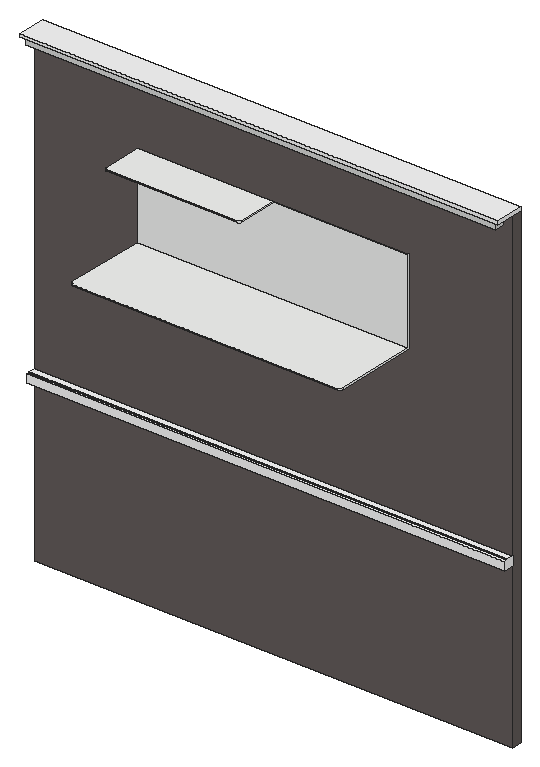
Revit family "Storage-Mounted-Teknion-B_WPM-Wall_Panel_for_Metal_Accessory_Shelves-R2018", category Furniture, Revit 2018
Family settings
  OmniClass Number = 23.40.70.14.64.21
  OmniClass Title = Systems Furniture
  Work Plane-Based = No
  Always vertical = Yes
  Cut with Voids When Loaded = No
  Shared = Yes
  Room Calculation Point = No
Parameters (values of type "On Low Secondary Desk")
  Width [instance] = 48.000"
  Warranty = "http://www.teknion.com/ca/papers/legal-canada"
  Unit Weight URL = "http://www.teknion.com/pricing/expansion-casegoods/pdfs/wv.pdf"
  URL = "http://www.teknion.com/"
  Top and Accessory Rail Finish [instance] = Mica - Teknion - V - Satin - Very White
  Top Shelf Visibility [instance] = or(Has Top Shelf Only, Has Top Shelf & Accessory Rail, Has Two Shelves)  # yes
  Top Shelf Type Selector [instance] = Storage-Mounted-Teknion-BBAMS_Metal_Accessory_Shelf_for_Wall_Panel-R2018 : Standard Position, Has Two Levels Shelf Configuration, 27" Width, Left Second Level Orientation
  Top Shelf Height Offset [instance] = if(Height = 66.000", 7.400", 9.483")  # 7.400"
  Tackboard Upholstery Finish [instance] = Fabric - Teknion - S613 - Saturate - Dune
  Tackboard Bottom Starting Offset [instance] = if(and(High Secondary Desk Mounting Style, not(Has Top Shelf & Accessory Rail)), 26.972", if(and([1" Thick Standard Worksurface Mounting Style], not(Has Top Shelf & Accessory Rail)), 28.823", if(and([1-3/16" Thick Standard Worksurface Mounting Style], not(Has Top Shelf & Accessory Rail)), 28.996", if(and([1-9/16" Thick Standard Worksurface Mounting Style], not(Has Top Shelf & Accessory Rail)), 29.362", if(and([Mid-Height Mounting Style], not(Has Top Shelf & Accessory Rail)), 21.000", 34.620")))))  # 34.620"
  Sustainability Data = "http://www.teknion.com/about-teknion/environment/datasheets.asp"
  Metal Shelf Finish [instance] = Paint - Teknion - Mica - Very White
  Metal Accessory Shelf Type Selector Note [instance] = "The 33 inch wide Metal Accessory Shelf cannot be used with the 30 inch Wide Panel."  # constant formula
  Metal Accessory Shelf Position Note [instance] = if(or(Width = 30.000", Width = 36.000", Width = 42.000"), "Please choose Center Shelf Position.", "Please choose one of the following options below.")  # "Please choose one of the following options below."
  Series = "Expansion Casegoods"  # constant formula
  Right Shelf Position [instance] = no
  Product Page URL = "http://www.teknion.com/ca/products/product-details?productlineid=0053336e-8e7a-673b-a6c8-ff00004460c4"
  Product Line = "Expansion Casegoods"  # constant formula
  Product Documentation Link #7 = "http://www.teknion.com/pricing/Expansion-Casegoods/pdfs/BBAS_ppg.pdf"
  Product Documentation Link #6 = "http://www.teknion.com/pricing/Expansion-Casegoods/pdfs/BLED_ppg.pdf"
  Product Documentation Link #5 = "http://www.teknion.com/pricing/Expansion-Casegoods/pdfs/BBWAM_ppg.pdf"
  Product Documentation Link #4 = "http://www.teknion.com/pricing/Expansion-Casegoods/pdfs/BBWAE_ppg.pdf"
  Product Documentation Link #3 = "http://www.teknion.com/pricing/Expansion-Casegoods/pdfs/BBWAP_ppg.pdf"
  Product Documentation Link #2 = "http://www.teknion.com/pricing/Expansion-Casegoods/pdfs/BBWAT_ppg.pdf"
  Product Documentation Link = "http://www.teknion.com/pricing/Expansion-Casegoods/pdfs/B_WPM_ppg.pdf"
  Power/Data Visibility [instance] = if(and(not(Low Secondary Desk Mounting Style), not(Has Top Shelf & Accessory Rail), or(Has Glass Markerboard, Has Porcelain Markerboard, Has Fabric Tackboard, Has Felt Tackboard)), 1 > 2, not(No Power and Data))  # no
  Power/Data Plan View Offset [instance] = if(or([Power and Data Under Worksurface - Left], [Power and Data Over Worksurface - Left]), 15.000", if(or([Power and Data Under Worksurface - Right], [Power and Data Over Worksurface - Right]), Actual Width - 15.000", Actual Width / 2))  # 23.880"
  Power Data Height Offset [instance] = if(High Secondary Desk Mounting Style, 3.648", if([1" Thick Standard Worksurface Mounting Style], 1.797", if([1-3/16" Thick Standard Worksurface Mounting Style], 1.624", if([1-9/16" Thick Standard Worksurface Mounting Style], 1.258", if(and(Low Secondary Desk Mounting Style, or([Power and Data Over Worksurface - Center], [Power and Data Over Worksurface - Left], [Power and Data Over Worksurface - Right])), 13.195", 3.480")))))  # 3.480"
  Porcelain/Glass Markerboard Visibility [instance] = or(Has Glass Markerboard, Has Porcelain Markerboard)  # no
  Part Number = "B_WPM"  # constant formula
  Panel Finish [instance] = Veneer - Teknion - VB - Flintwood - Black Walnut
  No Power and Data [instance] = not(or([Power and Data Over Worksurface - Center], [Power and Data Over Worksurface - Left], [Power and Data Over Worksurface - Right], [Power and Data Under Worksurface - Center], [Power and Data Under Worksurface - Left], [Power and Data Under Worksurface - Right]))  # yes
  Power and Data Under Worksurface - Right [instance] = no
  Power and Data Under Worksurface - Left [instance] = no
  Power and Data Under Worksurface - Center [instance] = no
  Linear LED Light Width Type [instance] = Lighting-Teknion-BLED_Linear_LED_Light-R2018 : 48" Width
  Light Shelf Note [instance] = "Light Shelf can only be specified if the Has Top Shelf & Accessory Rail option is selected above."  # constant formula
  Light Shelf Finish [instance] = Mica - Teknion - V - Satin - Very White
  Left Shelf Position [instance] = no
  Height [instance] = 66.000"
  Has Two Shelves [instance] = no
  Has Top Shelf Only [instance] = no
  Has Porcelain Markerboard [instance] = no
  Has No Accessory Board [instance] = not(or(Has Glass Markerboard, Has Porcelain Markerboard, Has Fabric Tackboard, Has Felt Tackboard))  # yes
  Has Linear LED Light [instance] = yes
  Has Light Shelf [instance] = no
  Has Felt Tackboard [instance] = no
  Fabric/Felt Tackboard Visibility [instance] = or(Has Fabric Tackboard, Has Felt Tackboard)  # no
  Center of Shelf Plan View Offset [instance] = if(Center Shelf Position, Actual Width / 2, if(Left Shelf Position, 18.000", Actual Width - 18.000"))  # 23.880"
  Center Shelf Position [instance] = not(or(Left Shelf Position, Right Shelf Position))  # yes
  Configurations Note [instance] = "Please choose one of the three following options below."  # constant formula
  Bottom Shelf Type Selector [instance] = Storage-Mounted-Teknion-BBAMS_Metal_Accessory_Shelf_for_Wall_Panel-R2018 : Standard Position, Has Two Levels Shelf Configuration, 27" Width, Left Second Level Orientation
  Bottom Height Shelf Offset [instance] = if(Height = 66.000", 22.374", 28.626")  # 22.374"
  Available Widths [instance] = if(or([1" Thick Standard Worksurface Mounting Style], [1-3/16" Thick Standard Worksurface Mounting Style], [1-9/16" Thick Standard Worksurface Mounting Style], Low Secondary Desk Mounting Style), "24, 30, 36, 42, 48, 54, 60, 66, 72, 78, or 84 inches.", "24, 30, 36, 42, 48, 54, 60, 66, 72, 78, 84, or 90 inches.")  # "24, 30, 36, 42, 48, 54, 60, 66, 72, 78, or 84 inches."
  Model = "BLWPM_____"
  Mid-Height Mounting Style = no
  Manufacturer Phone = "416-661-3370"  # constant formula
  Manufacturer Fax = "416.661.4586"  # constant formula
  Manufacturer Contact Information = "http://www.teknion.com/ca/contactus"
  Manufacturer Address = "1150 Flint Road, Toronto, ON. M3J 2J5. Canada"
  Manufacturer = "Teknion"  # constant formula
  Low Secondary Desk Mounting Style = yes
  High Secondary Desk Mounting Style = no
  Has Fabric Tackboard [instance] = no
  Power and Data Over Worksurface - Right [instance] = no
  Power and Data Over Worksurface - Left [instance] = no
  Power and Data Over Worksurface - Center [instance] = no
  Has Glass Markerboard [instance] = no
  Has Top Shelf & Accessory Rail [instance] = not(or(Has Top Shelf Only, Has Two Shelves))  # yes
  Glass Markerboard Finish [instance] = Back-painted Glass - K7 - Teknion - Very White
  Description = "Wall Panel for Metal Accessory Shelves, Low Secondary Desk"
  Bottom of Wall Panel Height = if(High Secondary Desk Mounting Style, 26.972", if(Low Secondary Desk Mounting Style, 17.425", if([1" Thick Standard Worksurface Mounting Style], 28.823", if([1-3/16" Thick Standard Worksurface Mounting Style], 28.996", if([1-9/16" Thick Standard Worksurface Mounting Style], 29.362", 21.000")))))  # 17.425"
  Available Heights [instance] = "66 or 72 inches."  # constant formula
  Available Electrical Options [instance] = if(or([Mid-Height Mounting Style], Width = 24.000", Width = 30.000"), "Choose No Power and Data.", if(or(Width = 36.000", Width = 42.000"), "Choose between No Power and Data, Power and Data Under Worksurface - Center, or Power and Data Over Worksurface - Center", if(and(Low Secondary Desk Mounting Style, not(or(Width = 24.000", Width = 30.000", Width = 36.000", Width = 42.000"))), "Choose one of the following options below.", "Choose between Power and Data Over Worksurface - Center, Power and Data Over Worksurface - Left, Power and Data Over Worksurface - Right, or No Power and Data.")))  # "Choose one of the following options below."
  Assembly Code = "E2020200"
  Actual Width [instance] = if(Width = 24.000", 23.880", if(Width = 30.000", 29.850", if(Width = 36.000", 35.820", if(Width = 42.000", 41.790", if(Width = 48.000", 47.760", if(Width = 54.000", 53.730", if(Width = 60.000", 59.700", if(Width = 66.000", 65.670", if(Width = 72.000", 71.640", if(Width = 78.000", 77.610", 83.580"))))))))))  # 47.760"
  Actual Height [instance] = if(Height = 72.000", 71.626", 65.374")  # 65.374"
  Accessories Note [instance] = if(Has Two Shelves, "Choose Has No Accessory Board.", if(and(or([Power and Data Over Worksurface - Center], [Power and Data Over Worksurface - Left], [Power and Data Over Worksurface - Right], [Power and Data Under Worksurface - Center], [Power and Data Under Worksurface - Left], [Power and Data Under Worksurface - Right]), not(Has Top Shelf & Accessory Rail)), "Choose Has No Accessory Board.", "Choose one of the following options below.."))  # "Choose one of the following options below.."
  1-9/16" Thick Standard Worksurface Mounting Style = no
  1-3/16" Thick Standard Worksurface Mounting Style = no
  1" Thick Standard Worksurface Mounting Style = no
Types (6): name | Top Shelf Height Offset | Power Data Height Offset | Height | Bottom Height Shelf Offset | Available Widths | Model | Mid-Height Mounting Style | Low Secondary Desk Mounting Style | High Secondary Desk Mounting Style | Description | Bottom of Wall Panel Height | Available Electrical Options | 1-9/16" Thick Standard Worksurface Mounting Style | 1-3/16" Thick Standard Worksurface Mounting Style | 1" Thick Standard Worksurface Mounting Style
  On High Secondary Desk | 7.400" | 3.648" | 66.000" | 22.374" | "24, 30, 36, 42, 48, 54, 60, 66, 72, 78, 84, or 90 inches." | "BHWPM_____" | no | no | yes | "Wall Panel for Metal Accessory Shelves, High Secondary Desk" | 26.972" | "Choose between Power and Data Over Worksurface - Center, Power and Data Over Worksurface - Left, Power and Data Over Worksurface - Right, or No Power and Data." | no | no | no
  On Low Secondary Desk | 7.400" | 3.480" | 66.000" | 22.374" | "24, 30, 36, 42, 48, 54, 60, 66, 72, 78, or 84 inches." | "BLWPM_____" | no | yes | no | "Wall Panel for Metal Accessory Shelves, Low Secondary Desk" | 17.425" | "Choose one of the following options below." | no | no | no
  On 1" Thick Standard Worksurface | 9.483" | 1.797" | 0.000" | 28.626" | "24, 30, 36, 42, 48, 54, 60, 66, 72, 78, or 84 inches." | "BDWPM_____" | no | no | no | "Wall Panel for Metal Accessory Shelves, On 1\" Thick Standard Worksurface" | 28.823" | "Choose between Power and Data Over Worksurface - Center, Power and Data Over Worksurface - Left, Power and Data Over Worksurface - Right, or No Power and Data." | no | no | yes
  On 1-3/16" Thick Standard Worksurface | 9.483" | 1.624" | 0.000" | 28.626" | "24, 30, 36, 42, 48, 54, 60, 66, 72, 78, or 84 inches." | "BMWPM_____" | no | no | no | "Wall Panel for Metal Accessory Shelves, On 1-3/16\" Thick Standard Worksurface" | 28.996" | "Choose between Power and Data Over Worksurface - Center, Power and Data Over Worksurface - Left, Power and Data Over Worksurface - Right, or No Power and Data." | no | yes | no
  On 1-9/16" Thick Standard Worksurface | 9.483" | 1.258" | 0.000" | 28.626" | "24, 30, 36, 42, 48, 54, 60, 66, 72, 78, or 84 inches." | "BXWPM_____" | no | no | no | "Wall Panel for Metal Accessory Shelves, On 1-9/16\" Thick Standard Worksurface" | 29.362" | "Choose between Power and Data Over Worksurface - Center, Power and Data Over Worksurface - Left, Power and Data Over Worksurface - Right, or No Power and Data." | yes | no | no
  Mid-Height Mounting Style | 9.483" | 3.480" | 0.000" | 28.626" | "24, 30, 36, 42, 48, 54, 60, 66, 72, 78, 84, or 90 inches." | "BKWPM_____" | yes | no | no | "Wall Panel for Metal Accessory Shelves, Mid-Height Mounting Style" | 21.000" | "Choose No Power and Data." | no | no | no
Reference planes (in)
  plane 1 "Center F/B": y = 0
  plane 2 "Bottom of Panel": z = 17.425
  plane 3 "Center L/R": x = 0
  plane 4 "Left": x = -23.88
  plane 5 "Right": x = 23.88
  plane 6 "Back": y = 0.5
  plane 7 "Front": y = -0.5
  plane 8 "Top": z = 65.374
  plane 9: z = 0
  plane 10 "Accessory Rail Ref Plane": z = 34.38
  plane 11: y = -0.98071
  plane 12 "Power/Data Offset": x = 0
  plane 13 "Power/Data Height Offset": z = 20.905
  plane 14 "Top Shelf Plane": z = 57.974
  plane 15 "Bottom Shelf Plane": z = 43
  plane 16: x = -19.29092
  plane 17: x = 19.29092
  plane 18 "Center of Shelf Plane": x = 0
Forms (in)
  Sweep 1, solid, material "Veneer - Teknion - VB - Flintwood - Black Walnut" <- "Panel Finish"
    path origin (0, 0, 0) x (1, 0, 0) y (0, 1, 0)
      loop
        line (-23.88, 0) -> (23.88, 0)
    profile origin (0, 0, 0) x (0, 1, 0) y (0, 0, 1)
      loop
        line (0.5, 65.05904) -> (-0.5, 65.05904) -> (-0.5, 17.425) -> (0.5, 17.425) -> (0.5, 65.05904)
  Sweep 2, solid, material "Mica - Teknion - V - Satin - Very White" <- "Top and Accessory Rail Finish"
    path origin (0, 0, 0) x (1, 0, 0) y (0, 1, 0)
      loop
        line (-23.88, 0) -> (23.88, 0)
    profile origin (0, 0, 0) x (0, 1, 0) y (0, 0, 1)
      loop
        line (0.5, 65.374) -> (-2.2874, 65.374) -> (-2.2874, 65.05904) -> (0.5, 65.05904) -> (0.5, 65.374)
  Sweep 3, solid, material "Mica - Teknion - V - Satin - Very White" <- "Top and Accessory Rail Finish", visible <- "Has Top Shelf & Accessory Rail"
    path origin (0, 0, -37.58062) x (1, 0, 0) y (0, 1, 0)
      loop
        line (-23.88, 0) -> (23.88, 0)
    profile origin (0, 0, -37.58062) x (0, 1, 0) y (0, 0, 1)
      loop
        line (-0.5, 72.19685) -> (-1.18504, 72.19685) -> (-1.18504, 72.09842) -> (-1.46063, 72.09842) -> (-1.46063, 71.2874) -> (-0.5, 71.2874) -> (-0.5, 72.19685)
  Sweep 4, solid, material "Mica - Teknion - V - Satin - Very White", visible <- "Power/Data Visibility"
    path origin (0, 0, -27.56363) x (1, 0, 0) y (0, 1, 0)
      loop
        line (-7.48031, 0) -> (7.48031, 0)
    profile origin (0, 0, -27.56363) x (0, 1, 0) y (0, 0, 1)
      loop
        line (-0.7126, 51.1458) -> (-0.7126, 48.46863) -> (-0.5, 48.46863) -> (-0.5, 51.1458) -> (-0.7126, 51.1458)
  Sweep 5, solid, material "Fabric - Teknion - S613 - Saturate - Dune" <- "Tackboard Upholstery Finish", visible <- "Fabric/Felt Tackboard Visibility"
    path origin (0, 0, -16.37402) x (1, 0, 0) y (0, 1, 0)
      loop
        line (-23.88, 0) -> (23.88, 0)
    profile origin (0, 0, -16.37402) x (0, 1, 0) y (0, 0, 1)
      loop
        line (-1.18504, 50.99402) -> (-0.5, 50.99402) -> (-0.5, 65.84802) -> (-1.18504, 65.84802) -> (-1.18504, 50.99402)
  Extrusion 6, solid, material "Plastic - Teknion - E - Ebony", visible <- "Power/Data Visibility"
    sketch origin (0, -0.5, -0.18961) x (1, 0, 0) y (0, 0, 1)
      loop
        line (-3.62205, 23.22444) -> (-6.92913, 23.22444) -> (-6.92913, 21.64964) -> (-3.62205, 21.64964) -> (-3.62205, 23.22444)
    from 0.2126 to 0.64961
  Extrusion 7, solid, material "Plastic - Teknion - E - Ebony", visible <- "Power/Data Visibility"
    sketch origin (10.5, -0.5, -0.18961) x (1, 0, 0) y (0, 0, 1)
      loop
        line (-4.88976, 22.96469) -> (-4.88976, 21.9017) -> (-3.82677, 21.9017) -> (-3.82677, 22.96469) -> (-4.88976, 22.96469)
      loop
        line (-3.95276, 22.6832) -> (-3.95276, 22.77769) -> (-4.26772, 22.77769) -> (-4.26772, 22.6832) -> (-3.95276, 22.6832)
      loop
        arc (-4.54331, 22.33871) -> (-4.44882, 22.4332) -> (-4.54331, 22.52769) r 0.09449
        line (-4.54331, 22.52769) -> (-4.70079, 22.52769) -> (-4.70079, 22.33871) -> (-4.54331, 22.33871)
      loop
        line (-4.26772, 22.1832) -> (-4.26772, 22.08871) -> (-3.95276, 22.08871) -> (-3.95276, 22.1832) -> (-4.26772, 22.1832)
    from 0.2126 to 0.29291
  Extrusion 8, solid, material "Plastic - Teknion - E - Ebony", visible <- "Power/Data Visibility"
    sketch origin (9.24016, -0.5, -0.18961) x (1, 0, 0) y (0, 0, 1)
      loop
        line (-4.88976, 22.96469) -> (-4.88976, 21.9017) -> (-3.82677, 21.9017) -> (-3.82677, 22.96469) -> (-4.88976, 22.96469)
      loop
        line (-3.95276, 22.6832) -> (-3.95276, 22.77769) -> (-4.26772, 22.77769) -> (-4.26772, 22.6832) -> (-3.95276, 22.6832)
      loop
        arc (-4.54331, 22.33871) -> (-4.44882, 22.4332) -> (-4.54331, 22.52769) r 0.09449
        line (-4.54331, 22.52769) -> (-4.70079, 22.52769) -> (-4.70079, 22.33871) -> (-4.54331, 22.33871)
      loop
        line (-4.26772, 22.1832) -> (-4.26772, 22.08871) -> (-3.95276, 22.08871) -> (-3.95276, 22.1832) -> (-4.26772, 22.1832)
    from 0.2126 to 0.29291
  Extrusion 9, solid, material "Plastic - Teknion - E - Ebony", visible <- "Power/Data Visibility"
    sketch origin (7.98031, -0.5, -0.18961) x (1, 0, 0) y (0, 0, 1)
      loop
        line (-4.88976, 22.96469) -> (-4.88976, 21.9017) -> (-3.82677, 21.9017) -> (-3.82677, 22.96469) -> (-4.88976, 22.96469)
      loop
        line (-3.95276, 22.6832) -> (-3.95276, 22.77769) -> (-4.26772, 22.77769) -> (-4.26772, 22.6832) -> (-3.95276, 22.6832)
      loop
        arc (-4.54331, 22.33871) -> (-4.44882, 22.4332) -> (-4.54331, 22.52769) r 0.09449
        line (-4.54331, 22.52769) -> (-4.70079, 22.52769) -> (-4.70079, 22.33871) -> (-4.54331, 22.33871)
      loop
        line (-4.26772, 22.1832) -> (-4.26772, 22.08871) -> (-3.95276, 22.08871) -> (-3.95276, 22.1832) -> (-4.26772, 22.1832)
    from 0.2126 to 0.29291
  Extrusion 10, solid, material "Plastic - Teknion - E - Ebony", visible <- "Power/Data Visibility"
    sketch origin (6.72047, -0.5, -0.18961) x (1, 0, 0) y (0, 0, 1)
      loop
        line (-4.88976, 22.96469) -> (-4.88976, 21.9017) -> (-3.82677, 21.9017) -> (-3.82677, 22.96469) -> (-4.88976, 22.96469)
      loop
        line (-3.95276, 22.6832) -> (-3.95276, 22.77769) -> (-4.26772, 22.77769) -> (-4.26772, 22.6832) -> (-3.95276, 22.6832)
      loop
        arc (-4.54331, 22.33871) -> (-4.44882, 22.4332) -> (-4.54331, 22.52769) r 0.09449
        line (-4.54331, 22.52769) -> (-4.70079, 22.52769) -> (-4.70079, 22.33871) -> (-4.54331, 22.33871)
      loop
        line (-4.26772, 22.1832) -> (-4.26772, 22.08871) -> (-3.95276, 22.08871) -> (-3.95276, 22.1832) -> (-4.26772, 22.1832)
    from 0.2126 to 0.29291
  Extrusion 11, solid, material "Plastic - Teknion - E - Ebony", visible <- "Power/Data Visibility"
    sketch origin (4.25, -0.5, -0.18961) x (1, 0, 0) y (0, 0, 1)
      loop
        circle (-5.14568, 22.43322) r 0.1516
    from 0.2126 to 0.46457
  Sweep 12, solid, material "Glass - Teknion - A5 - Standard - Clear", visible <- "Porcelain/Glass Markerboard Visibility"
    path origin (0, 0, 0) x (1, 0, 0) y (0, 1, 0)
      loop
        line (-23.88, 0) -> (23.88, 0)
    profile origin (0, 0, 0) x (0, 1, 0) y (0, 0, 1)
      loop
        line (-1.18504, 34.62) -> (-0.98071, 34.62) -> (-0.98071, 49.474) -> (-1.18504, 49.474) -> (-1.18504, 34.62)
  Sweep 13, solid, material "Back-painted Glass - K7 - Teknion - Very White" <- "Glass Markerboard Finish", visible <- "Porcelain/Glass Markerboard Visibility"
    path origin (0, 0, 0) x (1, 0, 0) y (0, 1, 0)
      loop
        line (-23.88, 0) -> (23.88, 0)
    profile origin (0, 0, 0) x (0, 1, 0) y (0, 0, 1)
      loop
        line (-0.98071, 34.62) -> (-0.5, 34.62) -> (-0.5, 49.474) -> (-0.98071, 49.474) -> (-0.98071, 34.62)
  Extrusion 14, solid, material "Mica - Teknion - V - Satin - Very White" <- "Light Shelf Finish", visible <- "Has Light Shelf"
    sketch origin (-17.91, 0, -20.33308) x (0, 1, 0) y (0, 0, 1)
      loop
        line (-5.82638, 54.92869) -> (-5.82638, 54.69247) -> (-1.46063, 54.69247) -> (-1.46063, 54.85388) -> (-1.18071, 54.85388) -> (-1.18071, 54.92869) -> (-5.82638, 54.92869)
    from -5.97 to 41.79
Lines and regions (in)
  Masking region 1
    outline origin (0, 0, 0) x (1, 0, 0) y (0, 1, 0)
      loop
        line (-23.88, 0.5) -> (-23.88, -2.2874) -> (23.88, -2.2874) -> (23.88, 0.5) -> (-23.88, 0.5)
  Masking region 2, visible <- "Has Light Shelf"
    outline origin (0, 0, 0) x (1, 0, 0) y (0, 1, 0)
      loop
        line (-23.88, -2.2874) -> (-23.88, -5.82638) -> (23.88, -5.82638) -> (23.88, -2.2874) -> (-23.88, -2.2874)
  symbolic lines, style "Hidden Lines", detail levels medium+fine
    curve 1: line (-23.88, -0.5, 0) -> (23.88, -0.5, 0)
  symbolic lines, style "Hidden Lines", detail levels fine
    curve 2: line (-23.88, -1.18504, 0) -> (23.88, -1.18504, 0)
  symbolic lines, style "Hidden Lines", visible <- "Power/Data Visibility", detail levels fine
    curve 3: line (-7.48031, -0.7126, 0) -> (7.48031, -0.7126, 0)
    curve 4: line (7.48031, -0.7126, 0) -> (7.48031, -0.5, 0)
    curve 5: line (7.48031, -0.5, 0) -> (-7.48031, -0.5, 0)
    curve 6: line (-7.48031, -0.5, 0) -> (-7.48031, -0.7126, 0)
    curve 7: line (1.83071, -0.7126, 0) -> (1.83071, -0.79291, 0)
    curve 8: line (1.83071, -0.79291, 0) -> (2.8937, -0.79291, 0)
    curve 9: line (2.8937, -0.79291, 0) -> (2.8937, -0.7126, 0)
    curve 10: line (3.09055, -0.7126, 0) -> (3.09055, -0.79291, 0)
    curve 11: line (3.09055, -0.79291, 0) -> (4.15354, -0.79291, 0)
    curve 12: line (4.35039, -0.79291, 0) -> (5.41339, -0.79291, 0)
    curve 13: line (5.61024, -0.79291, 0) -> (6.67323, -0.79291, 0)
    curve 14: line (6.67323, -0.79291, 0) -> (6.67323, -0.7126, 0)
    curve 15: line (-3.62205, -1.14961, 0) -> (-3.62205, -0.7126, 0)
    curve 16: line (-6.92913, -1.14961, 0) -> (-3.62205, -1.14961, 0)
    curve 17: line (-6.92913, -0.7126, 0) -> (-6.92913, -1.14961, 0)
  reference lines, not visible
    curve 18: line (23.88, -0.5, 0) -> (-23.88, -0.5, 0)
    curve 19: line (-23.88, 0.5, 0) -> (-23.88, -0.5, 0)
    curve 20: line (-23.88, 0.5, 0) -> (23.88, 0.5, 0)
    curve 21: line (23.88, 0.5, 0) -> (23.88, -0.5, 0)
  reference lines
    curve 22: line (-23.88, 1.7341, 57.96685) -> (-23.88, -1.38466, 57.96685)
  symbolic lines
    curve 23: line (-23.88, -68.21025, 61.44356) -> (-23.88, -68.21025, 61.03051)
    curve 24: line (-23.88, -68.21025, 61.23704) -> (-23.88, -71.71025, 61.23704)
Dimensions and locks (in)
  equal spacing: plane 4 "Left", plane 3 "Center L/R", plane 5 "Right"
  equal spacing: plane 6 "Back", plane 1 "Center F/B", plane 7 "Front"
  locked: plane 6 "Back" to plane 7 "Front" at 1
  locked: plane 8 "Top" to Sweep 2 sketch curve at 0.31496
  locked: plane 6 "Back" to Sweep 2 sketch curve at 2.7874
  locked: plane 8 "Top" to Sweep 1 sketch curve at 0.31496
  "Actual Width": plane 4 "Left" to plane 5 "Right"
  locked: plane 7 "Front" to Sweep 3 sketch curve at 0.96063
  Sweep 4 sketch curve to Sweep 4 sketch curve to plane 13 "Power/Data Height Offset" = 2.67717" locked, 0.000" locked
  locked: plane 7 "Front" to Sweep 5 sketch curve at 0.68504
  Sweep 3 sketch curve to Sweep 3 sketch curve to plane 10 "Accessory Rail Ref Plane" to Sweep 3 sketch curve = 0.09843" locked, 0.1378" locked, 0.67322" locked
  "Bottom of Wall Panel Height": plane 2 "Bottom of Panel" to plane 9
  "Actual Height": plane 8 "Top" to plane 9
  locked: plane 10 "Accessory Rail Ref Plane" to level at 34.38
  plane 12 "Power/Data Offset" to Extrusion 6 sketch curve to Extrusion 6 sketch curve = 3.62205" locked, 3.30709" locked
  Extrusion 6 sketch curve to Extrusion 6 sketch curve to plane 13 "Power/Data Height Offset" = 1.5748" locked, 0.55502" locked
  Extrusion 7 sketch curve to Extrusion 7 sketch curve to plane 12 "Power/Data Offset" = 1.06299" locked, 5.61024" locked
  Extrusion 7 sketch curve to Extrusion 7 sketch curve to plane 13 "Power/Data Height Offset" = 1.06299" locked, 0.80709" locked
  Extrusion 7 sketch curve to Extrusion 7 sketch curve to Extrusion 7 sketch curve to Extrusion 7 sketch curve to Extrusion 7 sketch curve to Extrusion 7 sketch curve to Extrusion 7 sketch curve = 0.12598" locked, 0.000" locked, 0.31496" locked, 0.000" locked, 0.27559" locked, 0.15748" locked
  Extrusion 7 sketch curve to Extrusion 7 sketch curve to Extrusion 7 sketch curve to Extrusion 7 sketch curve to Extrusion 7 sketch curve to Extrusion 7 sketch curve to Extrusion 7 sketch curve to Extrusion 7 sketch curve = 0.18701" locked, 0.09449" locked, 0.15551" locked, 0.09449" locked, 0.09449" locked, 0.15551" locked, 0.09449" locked
  Extrusion 8 sketch curve to Extrusion 8 sketch curve to plane 12 "Power/Data Offset" = 1.06299" locked, 4.35039" locked
  Extrusion 8 sketch curve to Extrusion 8 sketch curve to plane 13 "Power/Data Height Offset" = 1.06299" locked, 0.80709" locked
  Extrusion 8 sketch curve to Extrusion 8 sketch curve to Extrusion 8 sketch curve to Extrusion 8 sketch curve to Extrusion 8 sketch curve to Extrusion 8 sketch curve to Extrusion 8 sketch curve = 0.12598" locked, 0.000" locked, 0.31496" locked, 0.000" locked, 0.27559" locked, 0.15748" locked
  Extrusion 8 sketch curve to Extrusion 8 sketch curve to Extrusion 8 sketch curve to Extrusion 8 sketch curve to Extrusion 8 sketch curve to Extrusion 8 sketch curve to Extrusion 8 sketch curve to Extrusion 8 sketch curve = 0.18701" locked, 0.09449" locked, 0.15551" locked, 0.09449" locked, 0.09449" locked, 0.15551" locked, 0.09449" locked
  Extrusion 9 sketch curve to Extrusion 9 sketch curve to plane 12 "Power/Data Offset" = 1.06299" locked, 3.09055" locked
  Extrusion 9 sketch curve to Extrusion 9 sketch curve to plane 13 "Power/Data Height Offset" = 1.06299" locked, 0.80709" locked
  Extrusion 9 sketch curve to Extrusion 9 sketch curve to Extrusion 9 sketch curve to Extrusion 9 sketch curve to Extrusion 9 sketch curve to Extrusion 9 sketch curve to Extrusion 9 sketch curve = 0.12598" locked, 0.000" locked, 0.31496" locked, 0.000" locked, 0.27559" locked, 0.15748" locked
  Extrusion 9 sketch curve to Extrusion 9 sketch curve to Extrusion 9 sketch curve to Extrusion 9 sketch curve to Extrusion 9 sketch curve to Extrusion 9 sketch curve to Extrusion 9 sketch curve to Extrusion 9 sketch curve = 0.18701" locked, 0.09449" locked, 0.15551" locked, 0.09449" locked, 0.09449" locked, 0.15551" locked, 0.09449" locked
  Extrusion 10 sketch curve to Extrusion 10 sketch curve to plane 12 "Power/Data Offset" = 1.06299" locked, 1.83071" locked
  Extrusion 10 sketch curve to Extrusion 10 sketch curve to plane 13 "Power/Data Height Offset" = 1.06299" locked, 0.80709" locked
  Extrusion 10 sketch curve to Extrusion 10 sketch curve to Extrusion 10 sketch curve to Extrusion 10 sketch curve to Extrusion 10 sketch curve to Extrusion 10 sketch curve to Extrusion 10 sketch curve = 0.12598" locked, 0.000" locked, 0.31496" locked, 0.000" locked, 0.27559" locked, 0.15748" locked
  Extrusion 10 sketch curve to Extrusion 10 sketch curve to Extrusion 10 sketch curve to Extrusion 10 sketch curve to Extrusion 10 sketch curve to Extrusion 10 sketch curve to Extrusion 10 sketch curve to Extrusion 10 sketch curve = 0.18701" locked, 0.09449" locked, 0.15551" locked, 0.09449" locked, 0.09449" locked, 0.15551" locked, 0.09449" locked
  locked: Extrusion 6 to plane 7 "Front" at 0.64961
  Extrusion 10 to Extrusion 9 to Extrusion 8 to Extrusion 7 to plane 7 "Front" = 0.000" locked, 0.000" locked, 0.000" locked, 0.29291" locked
  locked: plane 12 "Power/Data Offset" to Extrusion 11 sketch curve at 0.89568
  locked: Extrusion 11 sketch curve to plane 13 "Power/Data Height Offset" at 1.33861
  locked: Extrusion 11 to plane 7 "Front" at 0.46457
  "Tackboard Bottom Starting Offset": Sweep 5 sketch curve to level
  "Tackboard Bottom Starting Offset": Sweep 12 sketch curve to level
  locked: plane 1 "Center F/B" to plane 11 at 0.98071
  locked: plane 11 to Sweep 12 sketch curve at 0.20433
  "Tackboard Bottom Starting Offset": Sweep 13 sketch curve to level
  "Power/Data Plan View Offset": plane 4 "Left" to plane 12 "Power/Data Offset"
  Sweep 4 sketch curve to plane 12 "Power/Data Offset" to Sweep 4 sketch curve = 7.48031" locked, 7.48031" locked
  "Power Data Height Offset": plane 2 "Bottom of Panel" to plane 13 "Power/Data Height Offset"
  "Top Shelf Height Offset": plane 8 "Top" to plane 14 "Top Shelf Plane"
  "Bottom Height Shelf Offset": plane 8 "Top" to plane 15 "Bottom Shelf Plane"
  plane 1 "Center F/B" to Extrusion 14 sketch curve to Extrusion 14 sketch curve to Extrusion 14 sketch curve = 1.18071" locked, 0.27992" locked, 4.36575" locked
  Extrusion 14 sketch curve to plane 10 "Accessory Rail Ref Plane" to Extrusion 14 sketch curve to Extrusion 14 sketch curve = 0.02062" locked, 0.1408" locked, 0.0748" locked
  equal spacing: plane 17, plane 3 "Center L/R", plane 16
  locked: plane 17 to plane 16 at 38.58184
  curve 22 to plane 14 "Top Shelf Plane" = 0.00715"
  "Center of Shelf Plan View Offset": plane 18 "Center of Shelf Plane" to plane 4 "Left"
  aligned and locked: plane 5 "Right" to Sweep 1 sketch curve
  aligned and locked: plane 4 "Left" to Sweep 1 sketch curve
  aligned and locked: Sweep 1 sketch curve to plane 1 "Center F/B"
  aligned and locked: Sweep 1 sketch curve to plane 6 "Back"
  aligned and locked: Sweep 1 sketch curve to plane 7 "Front"
  aligned and locked: plane 2 "Bottom of Panel" to Sweep 1 sketch curve
  aligned and locked: Sweep 2 sketch curve to plane 6 "Back"
  aligned and locked: Sweep 2 sketch curve to plane 8 "Top"
  aligned and locked: Masking region 1 sketch curve to plane 6 "Back"
  aligned and locked: Masking region 1 sketch curve to plane 4 "Left"
  aligned and locked: Masking region 1 sketch curve to Sweep 2
  aligned and locked: Masking region 1 sketch curve to plane 5 "Right"
  aligned and locked: curve 1 to Sweep 1
  aligned and locked: Sweep 3 sketch curve to plane 7 "Front"
  aligned and locked: Sweep 4 sketch curve to plane 7 "Front"
  aligned and locked: plane 1 "Center F/B" to Sweep 4 sketch curve
  aligned and locked: Sweep 3 sketch curve to plane 1 "Center F/B"
  aligned and locked: plane 4 "Left" to Sweep 3 sketch curve
  aligned and locked: plane 5 "Right" to Sweep 3 sketch curve
  aligned and locked: plane 7 "Front" to Sweep 5 sketch curve
  aligned and locked: Sweep 5 sketch curve to plane 1 "Center F/B"
  aligned and locked: plane 5 "Right" to Sweep 5 sketch curve
  aligned and locked: plane 4 "Left" to Sweep 5 sketch curve
  aligned and locked: plane 4 "Left" to Sweep 2 sketch curve
  aligned and locked: plane 5 "Right" to Sweep 2 sketch curve
  aligned and locked: Sweep 2 sketch curve to plane 1 "Center F/B"
  aligned and locked: Extrusion 6 to Sweep 4
  aligned and locked: Extrusion 11 to Sweep 4
  aligned and locked: Extrusion 7 to Sweep 4
  aligned and locked: Extrusion 8 to Sweep 4
  aligned and locked: Extrusion 9 to Sweep 4
  aligned and locked: Extrusion 10 to Sweep 4
  aligned and locked: Sweep 5 to Sweep 4
  aligned and locked: plane 5 "Right" to Sweep 12 sketch curve
  aligned and locked: plane 4 "Left" to Sweep 12 sketch curve
  aligned and locked: Sweep 12 sketch curve to plane 11
  aligned and locked: plane 7 "Front" to Sweep 13 sketch curve
  aligned and locked: plane 11 to Sweep 13 sketch curve
  aligned and locked: plane 4 "Left" to Masking region 2 sketch curve
  aligned and locked: plane 5 "Right" to Masking region 2 sketch curve
  aligned and locked: Masking region 2 sketch curve to Sweep 2
  aligned and locked: curve 2 to Sweep 12
  aligned and locked: curve 3 to Sweep 4
  aligned and locked: curve 4 to Sweep 4
  aligned and locked: curve 5 to Sweep 4
  aligned and locked: curve 6 to Sweep 4
  aligned and locked: curve 7 to Extrusion 10
  aligned and locked: curve 8 to Extrusion 10
  aligned and locked: curve 9 to Extrusion 10
  aligned and locked: curve 10 to Extrusion 9
  aligned and locked: curve 11 to Extrusion 9
  aligned and locked: curve 12 to Extrusion 8
  aligned and locked: curve 13 to Extrusion 7
  aligned and locked: curve 14 to Extrusion 7
  aligned and locked: curve 19 to plane 4 "Left"
  aligned and locked: curve 20 to plane 6 "Back"
  aligned and locked: curve 21 to plane 5 "Right"
  aligned and locked: curve 18 to plane 7 "Front"
  aligned and locked: Sweep 12 to nested 1
  aligned and locked: nested 1 to plane 3 "Center L/R"
  aligned and locked: nested 1 to Sweep 2
  aligned and locked: plane 4 "Left" to Extrusion 14
  aligned and locked: Extrusion 14 to plane 5 "Right"
  aligned and locked: plane 14 "Top Shelf Plane" to nested 2
  aligned and locked: plane 15 "Bottom Shelf Plane" to nested 3
  aligned and locked: nested 3 to Sweep 1
  aligned and locked: nested 2 to Sweep 1
  aligned and locked: nested 2 to Sweep 12 sketch curve
  aligned and locked: Sweep 5 sketch curve to nested 2
  aligned and locked: Sweep 13 sketch curve to nested 2
  aligned and locked: plane 18 "Center of Shelf Plane" to nested 3
  aligned and locked: plane 18 "Center of Shelf Plane" to nested 2
  aligned and locked: Masking region 2 sketch curve to Extrusion 14
Automatic sketch dimensions
  curve 22 to plane 14 "Top Shelf Plane" = 0.00715"
  curve 22 to plane 11 = 0.40395"
  plane 6 "Back" to curve 22 = 1.2341"
  curve 2 to plane 4 "Left" = 0.000"
  curve 1 to plane 4 "Left" = 0.000"
  curve 1 to plane 5 "Right" = 0.000"
  curve 2 to plane 5 "Right" = 0.000"
  curve 16 to plane 11 = 0.1689"
  curve 3 to curve 16 = 0.55118"
  curve 16 to curve 16 = 3.30709"
  curve 10 to curve 11 = 1.06299"
  curve 11 to curve 12 = 0.19685"
  curve 12 to curve 12 = 1.06299"
  curve 12 to curve 13 = 0.19685"
  Sweep 3 sketch curve to Sweep 3 sketch curve = 0.27559"
  Sweep 4 sketch curve to Sweep 4 sketch curve = 0.2126"
  profile plane to Sweep 5 sketch curve = 0.500"
  curve 24 to plane 11 = 70.72954"
  curve 24 to curve 24 = 3.500"
  curve 23 to curve 24 = 0.20652"
  curve 24 to curve 23 = 0.20652"
  plane 1 "Center F/B" to Sweep 12 sketch curve = 0.000"
  plane 1 "Center F/B" to Sweep 13 sketch curve = 0.000"
  Sweep 13 sketch curve to plane 4 "Left" = 0.000"
  Sweep 13 sketch curve to plane 5 "Right" = 0.000"
  plane 14 "Top Shelf Plane" to curve 23 = 3.05651"
  radius of Extrusion 11 sketch curve = 0.1516"
Nested families (in)
  nested 1: "Lighting-Teknion-BLED_Linear_LED_Light-R2018" at (0, -1.65748, -0.31496), visible <- "Has Linear LED Light", type <- "Linear LED Light Width Type", Height <- "Actual Height", type "48" Width"
    with Height 65.374"
  nested 2: "Storage-Mounted-Teknion-BBAMS_Metal_Accessory_Shelf_for_Wall_Panel-R2018" at (0, -1.98425, 49.474), visible <- "Top Shelf Visibility", type <- "Top Shelf Type Selector", Metal Shelf Finish <- "Metal Shelf Finish", type "Standard Position, Has Two Levels Shelf Configuration, 27" Width, Left Second Level Orientation"
    with To render please download texture images found here "https://assets.teknion.com/web/5e81352c1dfdb467/revit-material-swatches/", Metal Shelf Finish Paint - Teknion - Mica - Very White, How To Use Teknion Materials User Guide "https://assets.teknion.com/m/205dd0a49fa58060/original/How-to-add-a-Material-Library-and-Texture-Images-to-your-Revit-project.pdf", Height 8.500", For Additional Finishes please visit "https://assets.teknion.com/m/44a8009b046e5d47/original/Teknion_Materials_Library.zip"
  nested 3: "Storage-Mounted-Teknion-BBAMS_Metal_Accessory_Shelf_for_Wall_Panel-R2018" at (0, -1.98425, 34.5), visible <- "Has Two Shelves", type <- "Bottom Shelf Type Selector", Metal Shelf Finish <- "Metal Shelf Finish", type "Standard Position, Has Two Levels Shelf Configuration, 27" Width, Left Second Level Orientation"
    with To render please download texture images found here "https://assets.teknion.com/web/5e81352c1dfdb467/revit-material-swatches/", Metal Shelf Finish Paint - Teknion - Mica - Very White, How To Use Teknion Materials User Guide "https://assets.teknion.com/m/205dd0a49fa58060/original/How-to-add-a-Material-Library-and-Texture-Images-to-your-Revit-project.pdf", Height 8.500", For Additional Finishes please visit "https://assets.teknion.com/m/44a8009b046e5d47/original/Teknion_Materials_Library.zip"
Definition of nested family "Lighting-Teknion-BLED_Linear_LED_Light-R2018"
  Parameters (values of type "48" Width")
    Width = 46.953"
    Wattage = 12.1178 W
    Warranty = "http://www.teknion.com/ca/papers/legal-canada"
    built-in parameter 1150110 = 1 (stored number, unit not read)
    URL = "www.teknion.com"
    built-in parameter 1114217 = 1 (stored number, unit not read)
    built-in parameter 1150109 = 1 (stored number, unit not read)
    built-in parameter 1150134 = (empty or 0)
    built-in parameter 1150113 = 1 (stored number, unit not read)
    Series = "Expansion Casegoods"  # constant formula
    Product Page URL = "https://www.teknion.com/ca/products/product-details?productLineId=0053336e-8e7a-673b-a6c8-ff00004460c4"
    Product Line = "Expansion Casegoods"  # constant formula
    Product Documentation Link = "https://www.teknion.com/pricing/expansion-casegoods/pdfs/BLED_ppg.pdf"
    Part Number = "BLED"  # constant formula
    Model = "BLED48"
    Manufacturer Phone = "416-661-3370"  # constant formula
    Manufacturer Fax = "416.661.4586"  # constant formula
    Manufacturer Contact Information = "http://www.teknion.com/ca/contactus"
    Manufacturer Address = "1150 Flint Road, Toronto, ON. M3J 2J5. Canada"  # constant formula
    Manufacturer = "Teknion"  # constant formula
    Lumens = 1800 lm
    built-in parameter 1150115 = 1 (stored number, unit not read)
    built-in parameter 1150105 = 572.96 (stored number, unit not read)
    Light Source Symbol Size = 24.000"
    built-in parameter 1150137 = (empty or 0)
    built-in parameter 1150139 = (empty or 0)
    built-in parameter 1150112 = 1 (stored number, unit not read)
    built-in parameter 1150114 = 1 (stored number, unit not read)
    built-in parameter 1150132 = 2
    built-in parameter 1150102 = (empty or 0)
    built-in parameter 1150138 = (empty or 0)
    built-in parameter 1150107 = 3000 (stored number, unit not read)
    built-in parameter 1150106 = 5.7296 (stored number, unit not read)
    Height [instance] = 54.000"
    Emit from Line Length = 46.000"
    built-in parameter 1150104 = 13.8 (stored number, unit not read)
    Dimming Lamp Color Temperature Shift = (empty or 0)
    Description = "Linear LED Light, 48\" Width"
    Color Filter = 16777215
    built-in parameter 1114218 = 1 (stored number, unit not read)
    built-in parameter 1150133 = 10 (stored number, unit not read)
  Types (4): name | Width | Model | Height | Emit from Line Length | Description
    (no name) | 46.953" | "BLED48" | 54.000" | 46.000" | "Linear LED Light, 48\" Width"
    24" Width | 22.953" | "BLED24" | 36.000" | 24.000" | "Linear LED Light, 24\" Width"
    36" Width | 34.953" | "BLED36" | 36.000" | 34.000" | "Linear LED Light, 36\" Width"
    48" Width | 46.953" | "BLED48" | 54.000" | 46.000" | "Linear LED Light, 48\" Width"
  Reference planes (in)
    plane 1 "Light Source Axis (F/B)": y = 0
    plane 2: z = 0
    plane 3 "Light Source Axis (L/R)": x = 0
    plane 4 "Light Source Elevation": z = 53.33465
    plane 5: z = 54
  Forms (in)
    Sweep 1, solid
      path origin (0, 0, 0) x (1, 0, 0) y (0, 1, 0)
        loop
          line (-23.4765, 0) -> (23.4765, 0)
      profile origin (0, 0, 0) x (0, 1, 0) y (0, 0, 1)
        loop
          line (0.47244, 54) -> (-0.47244, 54) -> (-0.47244, 53.33465) -> (0.47244, 53.33465) -> (0.47244, 54)
  Lines and regions (in)
    symbolic lines, detail levels medium+fine
      curve 1: line (-23.4765, 0.47244, 53.33465) -> (23.4765, 0.47244, 53.33465)
      curve 2: line (-23.4765, -0.47244, 53.33465) -> (-23.4765, 0.47244, 53.33465)
      curve 3: line (23.4765, -0.47244, 53.33465) -> (-23.4765, -0.47244, 53.33465)
      curve 4: line (23.4765, 0.47244, 53.33465) -> (23.4765, -0.47244, 53.33465)
  Dimensions and locks (in)
    "Height": plane 5 to level
    equal spacing: Sweep 1 sketch curve, plane 3 "Light Source Axis (L/R)", Sweep 1 sketch curve
    "Width": Sweep 1 sketch curve to Sweep 1 sketch curve
    Sweep 1 sketch curve to plane 4 "Light Source Elevation" to Sweep 1 sketch curve = 0.000" locked, 0.66535" locked
    Sweep 1 sketch curve to plane 1 "Light Source Axis (F/B)" to Sweep 1 sketch curve = 0.47244" locked, 0.47244" locked
    locked: plane 4 "Light Source Elevation" to plane 5 at 0.66535
    locked: plane 5 to imposter light at 0.66535
    aligned and locked: plane 3 "Light Source Axis (L/R)" to imposter light
    aligned and locked: plane 1 "Light Source Axis (F/B)" to imposter light
    aligned and locked: plane 4 "Light Source Elevation" to imposter light
    aligned and locked: level to plane 2
    aligned and locked: plane 1 "Light Source Axis (F/B)" to Sweep 1 sketch curve
    aligned and locked: curve 1 to Sweep 1
    aligned and locked: curve 2 to Sweep 1
    aligned and locked: curve 3 to Sweep 1
    aligned and locked: curve 4 to Sweep 1
Definition of nested family "Storage-Mounted-Teknion-BBAMS_Metal_Accessory_Shelf_for_Wall_Panel-R2018"
  Parameters (values of type "Standard Position, Has One Level Shelf Configuration, 27" Width")
    Width = 27.000"
    Warranty = "http://www.teknion.com/ca/papers/legal-canada"
    Metal Shelf Finish [instance] = none
    Left Orientation Void Cut Offset = if([Two Levels, Second Level Left Orientation], 14.000", 0.500")  # 0.500"
    Right Orientation Void Cut Offset = if([Two Levels, Second Level Right Orientation], 14.000", 0.500")  # 0.500"
    Upside-Down Position = not(Standard Position)  # no
    Unit Weight URL = "http://www.teknion.com/ca/tools/assets#&asset=bee6a381-b954-425e-8283-5a2de3a804f2,f828d448-4b62-4231-9e5f-9a8991c0ed77"
    URL = "www.teknion.com"
    To render please download texture images found here [instance] = "https://assets.teknion.com/web/5e81352c1dfdb467/revit-material-swatches/"
    Sustainability Data = "https://www.teknion.com/ca/tools/assets#&topic=216f99a5-57a0-44fc-b10a-9dee9b29ae4c&asset=444deb64-fe58-4b68-981e-f75e97781df7,b4ff2d81-9f2e-437d-9659-7cffb09c31cf"
    Standard Position = yes
    Series = "Expansion Casegoods"  # constant formula
    Two Levels, Second Level Right Orientation = no
    Two Levels, Second Level Left Orientation = no
    Product Page URL = "https://www.teknion.com/ca/products/product-details?productLineId=0053336e-8e7a-673b-a6c8-ff00004460c4"
    Product Line = "Expansion Casegoods"  # constant formula
    Product Documentation Link = "https://www.teknion.com/pricing/expansion-casegoods/pdfs/BBAMS_ppg.pdf"
    Part Number = "BBAMS"  # constant formula
    One Level Shelf Configuration = not(or([Two Levels, Second Level Right Orientation], [Two Levels, Second Level Left Orientation]))  # yes
    Model = "BBAMS1270909"
    Manufacturer Phone = "416-661-3370"  # constant formula
    Manufacturer Fax = "416.661.4586"  # constant formula
    Manufacturer Contact Information = "http://www.teknion.com/ca/contactus"
    Manufacturer Address = "1150 Flint Road, Toronto, ON. M3J 2J5. Canada"  # constant formula
    Manufacturer = "Teknion"  # constant formula
    How To Use Teknion Materials User Guide [instance] = "https://assets.teknion.com/m/205dd0a49fa58060/original/How-to-add-a-Material-Library-and-Texture-Images-to-your-Revit-project.pdf"
    Height [instance] = 8.500"
    For Additional Finishes please visit [instance] = "https://assets.teknion.com/m/44a8009b046e5d47/original/Teknion_Materials_Library.zip"
    Description = "Metal Accessory Shelf for Wall Panel, Standard Position, Has One Level Shelf Configuration, 27\" Width, 9\" Height, 9\" Depth"
    Assembly Code = "E2020200"
  Types (13): name | Width | Left Orientation Void Cut Offset | Right Orientation Void Cut Offset | Upside-Down Position | Standard Position | Two Levels, Second Level Right Orientation | Two Levels, Second Level Left Orientation | One Level Shelf Configuration | Model | Description
    (no name) | 27.000" | 0.500" | 0.500" | no | yes | no | no | yes | "BBAMS1270909" | "Metal Accessory Shelf for Wall Panel, Standard Position, Has One Level Shelf Configuration, 27\" Width, 9\" Height, 9\" Depth"
    Standard Position, Has Two Levels Shelf Configuration, 27" Width, Left Second Level Orientation | 27.000" | 14.000" | 0.500" | no | yes | no | yes | no | "BBAMS2270909L" | "Metal Accessory Shelf for Wall Panel, Standard Position, Has Two Levels Shelf Configuration, 27\" Width, 9\" Height, 9\" Depth, Left Second Level Orientation"
    Upside-Down Position, Has Two Levels Shelf Configuration, 27" Width, Left Second Level Orientation | 27.000" | 14.000" | 0.500" | yes | no | no | yes | no | "BBAMS2270909L" | "Metal Accessory Shelf for Wall Panel, Upside Position, Has Two Levels Shelf Configuration, 27\" Width, 9\" Height, 9\" Depth, Left Second Level Orientation"
    Standard Position, Has Two Levels Shelf Configuration, 27" Width, Right Second Level Orientation | 27.000" | 0.500" | 14.000" | no | yes | yes | no | no | "BBAMS2270909R" | "Metal Accessory Shelf for Wall Panel, Standard Position, Has Two Levels Shelf Configuration, 27\" Width, 9\" Height, 9\" Depth, Right Second Level Orientation"
    Upside-Down Position, Has Two Levels Shelf Configuration, 27" Width, Right Second Level Orientation | 27.000" | 0.500" | 14.000" | yes | no | yes | no | no | "BBAMS2270909R" | "Metal Accessory Shelf for Wall Panel, Upside-Down Position, Has Two Levels Shelf Configuration, 27\" Width, 9\" Height, 9\" Depth, Right Second Level Orientation"
    Upside-Down Position, Has One Level Shelf Configuration, 27" Width | 27.000" | 0.500" | 0.500" | yes | no | no | no | yes | "BBAMS1270909" | "Metal Accessory Shelf for Wall Panel, Upside Position, Has One Level Shelf Configuration, 27\" Width, 9\" Height, 9\" Depth"
    Standard Position, Has One Level Shelf Configuration, 27" Width | 27.000" | 0.500" | 0.500" | no | yes | no | no | yes | "BBAMS1270909" | "Metal Accessory Shelf for Wall Panel, Standard Position, Has One Level Shelf Configuration, 27\" Width, 9\" Height, 9\" Depth"
    Standard Position, Has One Level Shelf Configuration, 33" Width | 33.000" | 0.500" | 0.500" | no | yes | no | no | yes | "BBAMS1330909" | "Metal Accessory Shelf for Wall Panel, Standard Position, Has One Level Shelf Configuration, 33\" Width, 9\" Height, 9\" Depth"
    Upside-Down Position, Has One Level Shelf Configuration, 33" Width | 33.000" | 0.500" | 0.500" | yes | no | no | no | yes | "BBAMS1330909" | "Metal Accessory Shelf for Wall Panel, Upside Position, Has One Level Shelf Configuration, 33\" Width, 9\" Height, 9\" Depth"
    Standard Position, Has Two Levels Shelf Configuration, 33" Width, Left Second Level Orientation | 33.000" | 14.000" | 0.500" | no | yes | no | yes | no | "BBAMS2330909L" | "Metal Accessory Shelf for Wall Panel, Standard Position, Has Two Levels Shelf Configuration, 33\" Width, 9\" Height, 9\" Depth, Left Second Level Orientation"
    Standard Position, Has Two Levels Shelf Configuration, 33" Width, Right Second Level Orientation | 33.000" | 0.500" | 14.000" | no | yes | yes | no | no | "BBAMS2330909R" | "Metal Accessory Shelf for Wall Panel, Standard Position, Has Two Levels Shelf Configuration, 33\" Width, 9\" Height, 9\" Depth, Right Second Level Orientation"
    Upside-Down Position, Has Two Levels Shelf Configuration, 33" Width, Left Second Level Orientation | 33.000" | 14.000" | 0.500" | yes | no | no | yes | no | "BBAMS2330909L" | "Metal Accessory Shelf for Wall Panel, Upside Position, Has Two Levels Shelf Configuration, 33\" Width, 9\" Height, 9\" Depth, Left Second Level Orientation"
    Upside-Down Position, Has Two Levels Shelf Configuration, 33" Width, Right Second Level Orientation | 33.000" | 0.500" | 14.000" | yes | no | yes | no | no | "BBAMS2330909R" | "Metal Accessory Shelf for Wall Panel, Upside-Down Position, Has Two Levels Shelf Configuration, 33\" Width, 9\" Height, 9\" Depth, Right Second Level Orientation"
  Reference planes (in)
    plane 1 "Center Front/Back": y = -2.76575
    plane 2: z = 0
    plane 3 "Center Left/Right": x = 0
    plane 4 "Left": x = -13.5
    plane 5 "Right": x = 13.5
    plane 6 "Back": y = 1.48425
    plane 7 "Front": y = -7.01575
    plane 8 "Top": z = 8.5
    plane 9: z = 12.5
  Forms (in)
    Sweep 1, solid, material <- "Metal Shelf Finish", visible <- "Standard Position"
      path origin (0, 0, 0) x (1, 0, 0) y (0, 1, 0)
        loop
          line (-13.5, -2.76575) -> (13.5, -2.76575)
      profile origin (0, -2.76575, 0) x (0, 1, 0) y (0, 0, 1)
        loop
          line (4.25, 8.5) -> (4.13189, 8.5) -> (4.13189, 0.11811) -> (-4.25, 0.11811) -> (-4.25, 0) -> (4.25, 0) -> (4.25, 8.5)
    Sweep 2, void
      path origin (0, -2.76575, 0) x (1, 0, 0) y (0, 0, 1)
        loop
          line (0, 12.5) -> (0, 12)
      profile origin (0, -2.76575, 12.25) x (0, -1, 0) y (1, 0, 0)
        loop
          line (-4.25, 0) -> (-0.2553, 0)
          arc (-0.2553, 0) -> (-0.07478, -0.07478) -> (0, -0.2553) r 0.2553
          line (0, -0.2553) -> (0, 13.5) -> (-4.25, 13.5) -> (-4.25, 0)
        loop
          line (-0.25, -13.5) -> (0, -13.5) -> (0, -13.25)
          arc (0, -13.25) -> (-0.07322, -13.42678) -> (-0.25, -13.5) r 0.25
    Sweep 3, void
      path origin (0, -2.76575, 0) x (1, 0, 0) y (0, 0, 1)
        loop
          line (0, 12.5) -> (0, 12)
      profile origin (0, -2.76575, 12.25) x (0, -1, 0) y (1, 0, 0)
        loop
          line (-4.25, 0) -> (-4.25, -13.5) -> (0, -13.5) -> (0, 0.2553)
          arc (0, 0.2553) -> (-0.07478, 0.07478) -> (-0.2553, 0) r 0.2553
          line (-0.2553, 0) -> (-4.25, 0)
        loop
          arc (-0.25, 13.5) -> (-0.07322, 13.42678) -> (0, 13.25) r 0.25
          line (0, 13.25) -> (0, 13.5) -> (-0.25, 13.5)
    Sweep 4, solid, material <- "Metal Shelf Finish", visible <- "Upside-Down Position"
      path origin (0, 0, 0) x (1, 0, 0) y (0, 1, 0)
        loop
          line (-13.5, -2.76575) -> (13.5, -2.76575)
      profile origin (0, -2.76575, 0) x (0, 1, 0) y (0, 0, 1)
        loop
          line (-4.25, 8.38189) -> (4.13189, 8.38189) -> (4.13189, 0) -> (4.25, 0) -> (4.25, 8.5) -> (-4.25, 8.5) -> (-4.25, 8.38189)
    Sweep 5, solid, material <- "Metal Shelf Finish", visible <- "Standard Position"
      path origin (0, 0, 0) x (1, 0, 0) y (0, 1, 0)
        loop
          line (-13.5, -2.76575) -> (13.5, -2.76575)
      profile origin (0, -2.76575, 0) x (0, 1, 0) y (0, 0, 1)
        loop
          line (4.13189, 8.5) -> (0, 8.5) -> (0, 8.38189) -> (4.13189, 8.38189) -> (4.13189, 8.5)
    Sweep 6, solid, material <- "Metal Shelf Finish", visible <- "Upside-Down Position"
      path origin (0, 0, 0) x (1, 0, 0) y (0, 1, 0)
        loop
          line (-13.5, -2.76575) -> (13.5, -2.76575)
      profile origin (0, -2.76575, 0) x (0, 1, 0) y (0, 0, 1)
        loop
          line (4.13189, 0.11811) -> (0, 0.11811) -> (0, 0) -> (4.13189, 0) -> (4.13189, 0.11811)
    Sweep 7, void
      path origin (0, 0, 0) x (0, 1, 0) y (0, 0, 1)
        loop
          line (-7.01575, 10.5) -> (-7.01575, -2)
      profile origin (0, -7.01575, 4.25) x (1, 0, 0) y (0, 1, 0)
        loop
          arc (13.5, 0.25) -> (13.42678, 0.07322) -> (13.25, 0) r 0.25
          line (13.25, 0) -> (13.5, 0) -> (13.5, 0.25)
        loop
          line (-13.5, 0.25) -> (-13.5, 0) -> (-13.25, 0)
          arc (-13.25, 0) -> (-13.42678, 0.07322) -> (-13.5, 0.25) r 0.25
  Cuts and joins
    Sweep 7 cuts Sweep 1
    Sweep 2, Sweep 3 cuts Sweep 5
    joined: Sweep 1, Sweep 5
    Sweep 7 cuts Sweep 4
    Sweep 2, Sweep 3 cuts Sweep 6
    joined: Sweep 4, Sweep 6
  Lines and regions (in)
    Masking region 1
      outline origin (0, 0, 0) x (1, 0, 0) y (0, 1, 0)
        loop
          line (-13.5, 1.48425) -> (-13.5, -6.76575)
          arc (-13.5, -6.76575) -> (-13.42678, -6.94252) -> (-13.25, -7.01575) r 0.25
          line (-13.25, -7.01575) -> (13.25, -7.01575)
          arc (13.25, -7.01575) -> (13.42678, -6.94252) -> (13.5, -6.76575) r 0.25
          line (13.5, -6.76575) -> (13.5, 1.48425) -> (-13.5, 1.48425)
    symbolic lines, built-in parameter 1006206 <- "Two Levels, Second Level Left Orientation", detail levels medium+fine
      curve 1: line (0, 1.48425, 0) -> (0, -2.51045, 0)
    symbolic lines, visible <- "Two Levels, Second Level Left Orientation", detail levels medium+fine
      curve 2: line (-13.5, 1.48425, 0) -> (-13.5, -2.51575, 0)
      curve 3: line (-0.2553, -2.76575, 0) -> (-13.25, -2.76575, 0)
      curve 4: arc (-13.25, -2.76575, 0) -> (-13.42678, -2.69252, 0) -> (-13.5, -2.51575, 0) r 0.25
      curve 5: arc (0, -2.51045, 0) -> (-0.07478, -2.69097, 0) -> (-0.2553, -2.76575, 0) r 0.2553
    symbolic lines, visible <- "Two Levels, Second Level Right Orientation", detail levels medium+fine
      curve 6: line (0, 1.48425, 0) -> (0, -2.51045, 0)
      curve 7: line (0.2553, -2.76575, 0) -> (13.25, -2.76575, 0)
      curve 8: line (13.5, -2.51575, 0) -> (13.5, 1.48425, 0)
      curve 9: arc (13.5, -2.51575, 0) -> (13.42678, -2.69252, 0) -> (13.25, -2.76575, 0) r 0.25
      curve 10: arc (0.2553, -2.76575, 0) -> (0.07478, -2.69097, 0) -> (0, -2.51045, 0) r 0.2553
    symbolic lines, detail levels medium+fine
      curve 11: line (-13.5, 1.36614, 0) -> (13.5, 1.36614, 0)
  Dimensions and locks (in)
    "Width": plane 4 "Left" to plane 5 "Right"
    locked: plane 6 "Back" to plane 7 "Front" at 8.5
    "Height": plane 8 "Top" to level
    equal spacing: plane 7 "Front", plane 1 "Center Front/Back", plane 6 "Back"
    locked: plane 9 to plane 8 "Top" at 4
    "Left Orientation Void Cut Offset": plane 9 to Sweep 2 sketch curve
    "Right Orientation Void Cut Offset": plane 9 to Sweep 3 sketch curve
    locked: plane 1 "Center Front/Back" to Sweep 3 sketch curve at 0.2553
    locked: plane 3 "Center Left/Right" to Sweep 3 sketch curve at 0.2553
    locked: Sweep 3 sketch curve to plane 5 "Right" at 0.25
    locked: plane 1 "Center Front/Back" to Sweep 3 sketch curve at 0.25
    locked: Sweep 2 sketch curve to plane 3 "Center Left/Right" at 0.2553
    locked: plane 1 "Center Front/Back" to Sweep 2 sketch curve at 0.2553
    locked: plane 4 "Left" to Sweep 2 sketch curve at 0.25
    locked: plane 1 "Center Front/Back" to Sweep 2 sketch curve at 0.25
    locked: plane 8 "Top" to Sweep 4 sketch curve at 0.11811
    locked: Sweep 3 to Sweep 4 sketch curve at 0.11811
    locked: plane 6 "Back" to Sweep 5 sketch curve at 0.11811
    locked: plane 8 "Top" to Sweep 5 sketch curve at 0.11811
    plane 8 "Top" to Sweep 6 sketch curve to Sweep 6 sketch curve = 8.38189" locked, 0.11811" locked
    locked: Sweep 7 sketch curve to plane 8 "Top" at 2
    locked: plane 2 to Sweep 7 sketch curve at 2
    locked: plane 7 "Front" to Sweep 7 sketch curve at 0.25  (x2)
    locked: plane 4 "Left" to Sweep 7 sketch curve at 0.25
    locked: Sweep 7 sketch curve to plane 5 "Right" at 0.25
    plane 8 "Top" to Sweep 1 sketch curve to Sweep 1 sketch curve = 8.38189" locked, 0.11811" locked
    locked: plane 6 "Back" to Sweep 1 sketch curve at 0.11811
    locked: plane 6 "Back" to Sweep 6 sketch curve at 0.11811
    locked: plane 8 "Top" to Sweep 4 sketch curve at 8.5
    equal spacing: plane 4 "Left", plane 3 "Center Left/Right", plane 5 "Right"
    aligned and locked: level to plane 2
    aligned and locked: plane 4 "Left" to Sweep 1 sketch curve
    aligned and locked: plane 5 "Right" to Sweep 1 sketch curve
    aligned and locked: plane 1 "Center Front/Back" to Sweep 1 sketch curve
    aligned and locked: plane 6 "Back" to Sweep 1 sketch curve
    aligned and locked: Sweep 1 sketch curve to plane 7 "Front"
    aligned and locked: plane 9 to Sweep 2 sketch curve
    aligned and locked: plane 9 to Sweep 3 sketch curve
    aligned and locked: Sweep 3 sketch curve to plane 4 "Left"
    aligned and locked: plane 6 "Back" to Sweep 3 sketch curve
    aligned and locked: profile plane to Sweep 3 sketch curve
    aligned and locked: plane 1 "Center Front/Back" to Sweep 3 sketch curve  (x2)
    aligned and locked: plane 5 "Right" to Sweep 3 sketch curve
    aligned and locked: Sweep 2 sketch curve to plane 3 "Center Left/Right"
    aligned and locked: Sweep 2 sketch curve to plane 1 "Center Front/Back"  (x2)
    aligned and locked: Sweep 2 sketch curve to plane 6 "Back"
    aligned and locked: Sweep 2 sketch curve to plane 5 "Right"
    aligned and locked: Sweep 2 sketch curve to plane 4 "Left"
    aligned and locked: plane 4 "Left" to Sweep 4 sketch curve
    aligned and locked: plane 1 "Center Front/Back" to Sweep 4 sketch curve
    aligned and locked: plane 5 "Right" to Sweep 4 sketch curve
    aligned and locked: Sweep 4 sketch curve to plane 7 "Front"
    aligned and locked: plane 8 "Top" to Sweep 4 sketch curve
    aligned and locked: plane 6 "Back" to Sweep 4 sketch curve
    aligned and locked: plane 8 "Top" to Sweep 5 sketch curve
    aligned and locked: plane 1 "Center Front/Back" to Sweep 5 sketch curve
    aligned and locked: Sweep 6 sketch curve to plane 1 "Center Front/Back"
    aligned and locked: Sweep 7 sketch curve to plane 4 "Left"
    aligned and locked: plane 7 "Front" to Sweep 7 sketch curve
    aligned and locked: plane 5 "Right" to Sweep 7 sketch curve
    aligned and locked: Sweep 7 sketch curve to plane 7 "Front"
    aligned and locked: Masking region 1 sketch curve to plane 6 "Back"
    aligned and locked: Masking region 1 sketch curve to plane 5 "Right"
    aligned and locked: curve 1 to plane 3 "Center Left/Right"
    aligned and locked: curve 2 to plane 4 "Left"
    aligned and locked: curve 4 to cut or joined group of Sweep 1, Sweep 2, Sweep 3, Sweep 5, Sweep 7
    aligned and locked: curve 5 to cut or joined group of Sweep 1, Sweep 2, Sweep 3, Sweep 5, Sweep 7
    aligned and locked: curve 6 to Sweep 2
    aligned and locked: cut or joined group of Sweep 1, Sweep 2, Sweep 3, Sweep 5, Sweep 7 to curve 7
    aligned and locked: curve 9 to cut or joined group of Sweep 1, Sweep 2, Sweep 3, Sweep 5, Sweep 7
    aligned and locked: curve 11 to cut or joined group of Sweep 1, Sweep 2, Sweep 3, Sweep 5, Sweep 7
    aligned and locked: Masking region 1 sketch curve to cut or joined group of Sweep 2, Sweep 3, Sweep 4, Sweep 6, Sweep 7  (x2)
    aligned and locked: Sweep 1 sketch curve to plane 8 "Top"
  Automatic sketch dimensions
    Sweep 3 sketch curve to Sweep 3 sketch curve = 0.000"  (x4)
    plane 1 "Center Front/Back" to Sweep 2 sketch curve = 0.000"
    Sweep 2 sketch curve to Sweep 2 sketch curve = 0.000"  (x3)
    Sweep 5 sketch curve to plane 1 "Center Front/Back" = 0.000"
    Sweep 5 sketch curve to plane 4 "Left" = 0.000"
    Sweep 5 sketch curve to plane 5 "Right" = 0.000"
    Sweep 6 sketch curve to plane 1 "Center Front/Back" = 0.000"
    Sweep 6 sketch curve to plane 4 "Left" = 0.000"
    Sweep 6 sketch curve to plane 5 "Right" = 0.000"
    Sweep 7 sketch curve to plane 7 "Front" = 0.000"
    profile plane to Sweep 7 sketch curve = 0.000"  (x2)
    Sweep 7 sketch curve to Sweep 7 sketch curve = 0.000"  (x4)
    curve 1 to plane 6 "Back" = 0.000"
    curve 2 to plane 6 "Back" = 0.000"
    curve 6 to plane 6 "Back" = 0.000"
    curve 8 to plane 6 "Back" = 0.000"
    curve 3 to plane 3 "Center Left/Right" = 0.2553"
    plane 3 "Center Left/Right" to curve 7 = 0.2553"
    Sweep 2 sketch curve to plane 3 "Center Left/Right" = 0.000"
    Sweep 3 sketch curve to plane 3 "Center Left/Right" = 0.000"
